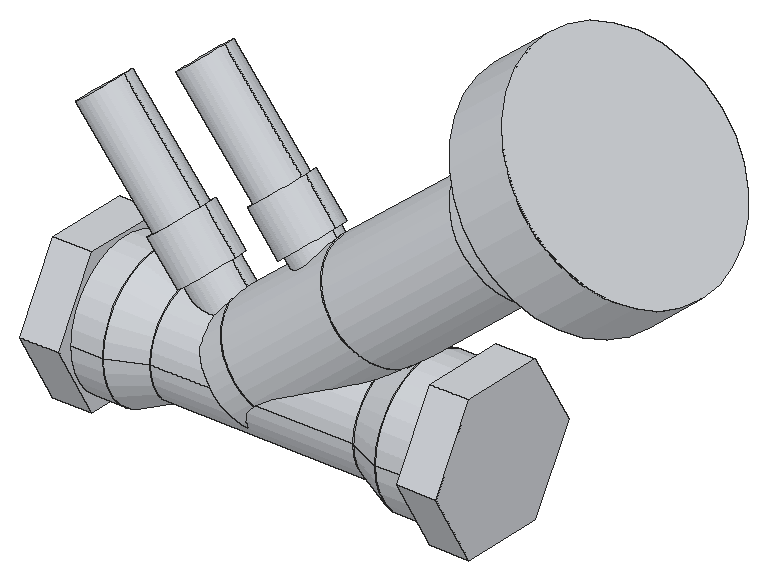
Revit family "D9505-DN32-RFA_2018", category Pipe Accessories, Revit 2018
Family settings
  Round Connector Dimension = Use Diameter
  Part Type = Valve - Breaks Into
  Work Plane-Based = No
  Always vertical = Yes
  Cut with Voids When Loaded = No
  Shared = No
Parameters (values of type "D9505 DN32")
  magiProductId = "a42dead6f7694bcf97a0a9ce0e311e"
  magiProductFamilyId = "283409d322044e8dba8a30d68fed8b"
  magiPartTypeId = 304
  isMeasuringValve [instance] = no
  ang2D [instance] = 0.00°
  W2D = 10 mm
  VersionID = "2.0/2017.10.31.1/VIR_9505_001"
  Use Minimum Symbol Size [instance] = yes
  URL = "http://www.hydronic.cz"
  Type Comments = "závitový; PN25 (-10~+100°C) nebo PN20 (-10~+130°C)"
  RN2 = 20.46 mm
  RN = 24.18 mm
  R7 = 9 mm
  R6 = 7.5 mm
  R5 = 20 mm
  R4 = 17 mm
  R3 = 17.05 mm
  R2 = 20.15 mm
  R1 = 15.5 mm
  QmdConnectorList = "301;D;302;D"
  Productdata [instance] = ""
  NUT1 = no
  Manufacturer = "Hydronic Systems Prague s.r.o."
  MC Product Code = "9505 032 (DN32; PN25 kvs12,0)"
  MC Piping Given Pressure Drop [instance] = 0.0 Pa
  L_2 = 60.5 mm
  L7 = 36 mm
  L6 = 2 mm
  L4 = 15.73 mm
  L3 = 10 mm
  L2__ve = -L2  # -9.5 mm
  L2D_Min = 3048 mm
  L2D = 77 mm
  L2 = 9.5 mm
  L1__ve = -L1  # -11.4 mm
  L1 = 11.4 mm
  HWR = 35 mm
  H8 = 34.8 mm
  H7 = 13.92 mm
  H6 = 24.05 mm
  H5 = 19.05 mm
  H4 = 20 mm
  H3 = 52.753 mm
  H2 = 38 mm
  H1 = 8 mm
  Description = "Ruční vyvažovací ventil závitový; bronzový; DN32; kvs12,0"
  D = 32 mm
  CenSd_RN_6 = RN * cos(30.00°)  # 20.94 mm
  CenSd_RN2_6 = RN2 * cos(30.00°)  # 17.719 mm
  CAT0 = yes
Types (7, lengths in mm): name | magiProductId | RN2 | RN | R4 | R3 | R2 | R1 | MC Product Code | L_2 | L4 | L2__ve | L2 | L1__ve | L1 | H8 | H7 | H6 | H5 | H3 | H2 | H1 | Description | D | CenSd_RN_6 | CenSd_RN2_6
  D9505 DN10 | "f06221e9bc9341508f66871c80ccb9" | 13.2 | 15.6 | 11 | 11 | 13 | 10 | "9505 010 (DN10; PN25 kvs0,97)" | 38.5 | 10.01 | -8 | 8 | -7 | 7 | 27.3 | 10.92 | 18 | 13 | 13.859 | 42 | 4 | "Ruční vyvažovací ventil závitový; bronzový; DN10; kvs0,97" | 10 | 13.51 | 11.432
  D9505 DN15 | "7168eb0cb4024df38c6d32127ca87d" | 14.85 | 17.55 | 12.375 | 12.375 | 14.625 | 11.25 | "9505 015 (DN15; PN25 kvs2,67)" | 45 | 11.7 | -8 | 8 | -8 | 8 | 27 | 10.8 | 19.375 | 14.375 | 12.304 | 41 | 5 | "Ruční vyvažovací ventil závitový; bronzový; DN15; kvs2,67" | 15 | 15.199 | 12.86
  D9505 DN20 | "82f2a7b1fa884f8cafe37fee21fa09" | 16.5 | 19.5 | 13.75 | 13.75 | 16.25 | 12.5 | "9505 020 (DN20; PN25 kvs4,1)" | 51 | 13.26 | -8 | 8 | -9 | 9 | 27 | 10.8 | 20.75 | 15.75 | 12.304 | 40 | 6 | "Ruční vyvažovací ventil závitový; bronzový; DN20; kvs4,1" | 20 | 16.887 | 14.289
  D9505 DN25 | "a5bafb2d780d49b5957b650150642c" | 18.15 | 21.45 | 15.125 | 15.125 | 17.875 | 13.75 | "9505 025 (DN25; PN25 kvs6,4)" | 55 | 14.3 | -9 | 9 | -10 | 10 | 27 | 10.8 | 22.125 | 17.125 | 12.304 | 39 | 7 | "Ruční vyvažovací ventil závitový; bronzový; DN25; kvs6,4" | 25 | 18.576 | 15.718
  D9505 DN32 | "a42dead6f7694bcf97a0a9ce0e311e" | 20.46 | 24.18 | 17 | 17.05 | 20.15 | 15.5 | "9505 032 (DN32; PN25 kvs12,0)" | 60.5 | 15.73 | -9.5 | 9.5 | -11.4 | 11.4 | 34.8 | 13.92 | 24.05 | 19.05 | 52.753 | 38 | 8 | "Ruční vyvažovací ventil závitový; bronzový; DN32; kvs12,0" | 32 | 20.94 | 17.719
  D9505 DN40 | "7d52969a8dcd46c581304e64bff261" | 23.1 | 27.3 | 17 | 19.25 | 22.75 | 17.5 | "9505 040 (DN40; PN25 kvs19,5)" | 71 | 18.46 | -10 | 10 | -13 | 13 | 34.8 | 13.92 | 26.25 | 21.25 | 52.753 | 36 | 10 | "Ruční vyvažovací ventil závitový; bronzový; DN40; kvs19,5" | 40 | 23.642 | 20.005
  D9505 DN50 | "2fc06cc644084f6992b3d357430981" | 26.4 | 31.2 | 17 | 22 | 26 | 20 | "9505 050 (DN50; PN25 kvs29,8)" | 80.5 | 20.93 | -11 | 11 | -15 | 15 | 34.8 | 13.92 | 29 | 24 | 52.753 | 34 | 12 | "Ruční vyvažovací ventil závitový; bronzový; DN50; kvs29,8" | 50 | 27.02 | 22.863
Reference planes
  plane 1 "Center (Front/Back)": y = 0
  plane 2 "XYPLANE": z = 0
  plane 3 "Center (Left/Right)": x = 0
  plane 4 "312": through (-485.972, 0, 579.676) normal (0.766, 0, 0.6428)
  plane 5 "176": through (-605.736, 0, -456.834) normal (-0.6428, 0, 0.766)
  plane 6 "173": through (-600.002, 0, -463.667) normal (-0.6428, 0, 0.766)
  plane 7 "163": x = -15.73
  plane 8 "158": x = 29.6
  plane 9 "157": x = 39.6
  plane 10 "154": x = -29.6
  plane 11 "83": through (-608.95, 0, -453.004) normal (-0.6428, 0, 0.766)
  plane 12 "76": through (-464.523, 0, 597.674) normal (0.766, 0, 0.6428)
  plane 13 "73": through (-596.788, 0, -467.498) normal (-0.6428, 0, 0.766)
  plane 14 "70": through (-584.543, 0, -482.091) normal (-0.6428, 0, 0.766)
  plane 15 "69": y = 0
  plane 16 "68": through (-490.569, 0, 575.819) normal (0.766, 0, 0.6428)
  plane 17 "60": through (-401.131, 0, 650.866) normal (0.766, 0, 0.6428)
  plane 18 "57": through (-416.452, 0, 638.01) normal (0.766, 0, 0.6428)
  plane 19 "54": through (-456.863, 0, 604.102) normal (0.766, 0, 0.6428)
  plane 20 "32": through (-492.101, 0, 574.533) normal (0.766, 0, 0.6428)
  plane 21 "31": y = 0
  plane 22 "30": through (564.523, 0, 482.091) normal (0.6428, 0, -0.766)
  plane 23 "21": x = -39.6
  plane 24 "20": x = 49.1
  plane 25 "19": x = -49.1
  plane 26 "13": x = 0
  plane 27 "11": x = 60.5
  plane 28 "10": x = -60.5
  plane 29 "9": y = 0
  plane 30 "8": z = 0
  plane 31 "65XY": through (-584.543, 0, -482.091) normal (-0.6428, 0, 0.766)
  plane 32 "65XZ": y = 0
  plane 33 "65YZ": through (-492.101, 0, 574.533) normal (0.766, 0, 0.6428)
  plane 34 "27XY": through (-492.101, 0, 574.533) normal (0.766, 0, 0.6428)
  plane 35 "27XZ": y = 0
  plane 36 "27YZ": through (564.523, 0, 482.091) normal (0.6428, 0, -0.766)
Forms (mm)
  Extrusion 1, solid, visible <- "CAT0"
    sketch origin (-492.101, 0, 574.533) x (0.642788, 0, -0.766044) y (0, 1, 0)
      loop
        circle (750, 0) r 17.05
    from 0 to 8 <- "H1"
  Extrusion 2, solid
    sketch origin (-605.736, 0, -456.834) x (0.766044, 0, 0.642788) y (0, 1, 0)
      loop
        circle (786, 0) r 7.5
    from 0 to 34.8 <- "H8"
  Extrusion 3, solid
    sketch origin (-596.788, 0, -467.498) x (0.766044, 0, 0.642788) y (0, 1, 0)
      loop
        circle (786, 0) r 9
    from 0 to 13.92 <- "H7"
  Extrusion 4, solid
    sketch origin (-456.863, 0, 604.102) x (0.642788, 0, -0.766044) y (0, 1, 0)
      loop
        circle (750, 0) r 17
    from 0 to 52.753 <- "H3"
  Extrusion 5, solid, visible <- "NUT1"
    sketch origin (-456.863, 0, 604.102) x (0.642788, 0, -0.766044) y (0, 1, 0)
      loop
        line (750, 20.46) -> (732.281, 10.23) -> (732.281, -10.23) -> (750, -20.46) -> (767.719, -10.23) -> (767.719, 10.23) -> (750, 20.46)
    from 0 to 11.4 <- "L1"
  Blend 6, solid, visible <- "CAT0"
    base sketch origin (-29.6, -750, 0) x (0, 1, 0) y (0, 0, 1)
      loop
        circle (750, 0) r 15.5
    top sketch origin (-29.6, -750, 0) x (0, 1, 0) y (0, 0, 1)
      loop
        circle (750, 0) r 15.5
    from 0 to 59.2
  Blend 7, solid
    base sketch origin (39.6, -750, 0) x (0, 1, 0) y (0, 0, 1)
      loop
        circle (750, 0) r 20.15
    top sketch origin (39.6, -750, 0) x (0, 1, 0) y (0, 0, 1)
      loop
        circle (750, 0) r 15.5
    from 0 to -10
  Blend 8, solid
    base sketch origin (-39.6, -750, 0) x (0, 1, 0) y (0, 0, 1)
      loop
        circle (750, 0) r 20.15
    top sketch origin (-39.6, -750, 0) x (0, 1, 0) y (0, 0, 1)
      loop
        circle (750, 0) r 15.5
    from 0 to 10
  Extrusion 9, solid
    sketch origin (-584.543, 0, -482.091) x (0.766044, 0, 0.642788) y (0, 1, 0)
      loop
        circle (752, 0) r 7.5
    from 0 to 24.05 <- "H6"
  Extrusion 10, solid
    sketch origin (-608.95, 0, -453.004) x (0.766044, 0, 0.642788) y (0, 1, 0)
      loop
        circle (752, 0) r 7.5
    from 0 to 34.8 <- "H8"
  Extrusion 11, solid
    sketch origin (-584.543, 0, -482.091) x (0.766044, 0, 0.642788) y (0, 1, 0)
      loop
        circle (786, 0) r 7.5
    from 0 to 19.05 <- "H5"
  Extrusion 12, solid
    sketch origin (-600.002, 0, -463.667) x (0.766044, 0, 0.642788) y (0, 1, 0)
      loop
        circle (752, 0) r 9
    from 0 to 13.92 <- "H7"
  Extrusion 13, solid, visible <- "CAT0"
    sketch origin (-401.131, 0, 650.866) x (0.642788, 0, -0.766044) y (0, 1, 0)
      loop
        circle (750, 0) r 35
    from 0 to 20 <- "H4"
  Extrusion 14, solid
    sketch origin (-416.452, 0, 638.01) x (0.642788, 0, -0.766044) y (0, 1, 0)
      loop
        circle (750, 0) r 20
    from 0 to 20 <- "H4"
  Extrusion 15, solid
    sketch origin (-485.972, 0, 579.676) x (0.642788, 0, -0.766044) y (0, 1, 0)
      loop
        circle (750, 0) r 17.05
    from 0 to 38 <- "H2"
  Extrusion 16, solid
    sketch origin (49.1, -750, 0) x (0, 1, 0) y (0, 0, 1)
      loop
        circle (750, 0) r 20.15
    from 0 to -9.5 <- "L2__ve"
  Extrusion 17, solid
    sketch origin (-49.1, -750, 0) x (0, 1, 0) y (0, 0, 1)
      loop
        circle (750, 0) r 20.15
    from 0 to 9.5 <- "L2"
  Extrusion 18, solid
    sketch origin (60.5, -750, 0) x (0, 1, 0) y (0, 0, 1)
      loop
        line (725.82, 0) -> (737.91, -20.94) -> (762.09, -20.94) -> (774.18, 0) -> (762.09, 20.94) -> (737.91, 20.94) -> (725.82, 0)
    from 0 to -11.4 <- "L1__ve"
  Extrusion 19, solid
    sketch origin (-60.5, -750, 0) x (0, 1, 0) y (0, 0, 1)
      loop
        line (774.18, 0) -> (762.09, 20.94) -> (737.91, 20.94) -> (725.82, 0) -> (737.91, -20.94) -> (762.09, -20.94) -> (774.18, 0)
    from 0 to 11.4 <- "L1"
  Extrusion 20, solid, not visible
    sketch origin (60.5, -750, 0) x (0, 1, 0) y (0, 0, 1)
      loop
        circle (750, 0) r 10
    from 0 to -10
  Extrusion 21, solid, not visible
    sketch origin (-60.5, -750, 0) x (0, 1, 0) y (0, 0, 1)
      loop
        circle (750, 0) r 10
    from 0 to 10
Lines and regions (mm)
  reference lines, not visible
    curve 1: circle (2, 2, 0) r 1 normal (0, 0, 1)
  reference lines
    curve 2: line (25.228, 0, 29.568) -> (28.902, -3.3, 25.19)
    curve 3: line (25.228, 0, 29.568) -> (25.228, -6.6, 29.568)
    curve 4: line (25.228, 0, 29.568) -> (21.554, -3.3, 33.947)
    curve 5: line (60.5, 0, 0) -> (60.5, 3.9, -6.755)
    curve 6: line (60.5, 0, 0) -> (60.5, 7.8, 0)
    curve 7: line (60.5, 0, 0) -> (60.5, 3.9, 6.755)
    curve 8: line (-60.5, 0, 0) -> (-60.5, -3.9, -6.755)
    curve 9: line (-60.5, 0, 0) -> (-60.5, -7.8, 0)
    curve 10: line (-60.5, 0, 0) -> (-60.5, -3.9, 6.755)
Dimensions and locks
  plane 1 "Center (Front/Back)" to curve 1 = 2 mm
  "H1": plane 20 "32" to plane 4 "312"
  "H7": plane 13 "73" to plane 5 "176"
  "H6": plane 14 "70" to plane 6 "173"
  "L4": plane 26 "13" to plane 7 "163"
  "L3": plane 9 "157" to plane 8 "158"
  "L2": plane 24 "20" to plane 9 "157"
  "L3": plane 23 "21" to plane 10 "154"
  "H7": plane 6 "173" to plane 11 "83"
  "L7": plane 33 "65YZ" to plane 12 "76"
  "H5": plane 14 "70" to plane 13 "73"
  locked: plane 31 "65XY" to plane 14 "70" at 0
  locked: plane 29 "9" to plane 15 "69"
  "L6": plane 33 "65YZ" to plane 16 "68"
  "H4": plane 18 "57" to plane 17 "60"
  "H3": plane 19 "54" to plane 18 "57"
  "H2": plane 4 "312" to plane 19 "54"
  locked: plane 34 "27XY" to plane 20 "32" at 0
  locked: plane 29 "9" to plane 21 "31"
  locked: plane 36 "27YZ" to plane 22 "30"
  "L2": plane 25 "19" to plane 23 "21"
  "L1": plane 27 "11" to plane 24 "20"
  "L1": plane 28 "10" to plane 25 "19"
  locked: plane 3 "Center (Left/Right)" to plane 26 "13"
  "L_2": plane 3 "Center (Left/Right)" to plane 27 "11"
  "L_2": plane 3 "Center (Left/Right)" to plane 28 "10"
  locked: plane 1 "Center (Front/Back)" to plane 29 "9"
  locked: plane 2 "XYPLANE" to plane 30 "8"
  "CenSd_RN2_6": curve 2 to Extrusion 5 sketch curve  (x2)
  "CenSd_RN2_6": curve 3 to Extrusion 5 sketch curve  (x2)
  "CenSd_RN2_6": curve 4 to Extrusion 5 sketch curve  (x2)
  Extrusion 5 sketch curve to Extrusion 5 sketch curve = 0 mm  (x12)
  "CenSd_RN_6": curve 5 to Extrusion 18 sketch curve  (x2)
  "CenSd_RN_6": curve 6 to Extrusion 18 sketch curve  (x2)
  "CenSd_RN_6": curve 7 to Extrusion 18 sketch curve  (x2)
  Extrusion 18 sketch curve to Extrusion 18 sketch curve = 0 mm  (x12)
  "CenSd_RN_6": curve 8 to Extrusion 19 sketch curve  (x2)
  "CenSd_RN_6": curve 9 to Extrusion 19 sketch curve  (x2)
  "CenSd_RN_6": curve 10 to Extrusion 19 sketch curve  (x2)
  Extrusion 19 sketch curve to Extrusion 19 sketch curve = 0 mm  (x12)
  "R3": radius of Extrusion 1 sketch curve
  "R6": radius of Extrusion 2 sketch curve
  "R7": radius of Extrusion 3 sketch curve
  "R4": radius of Extrusion 4 sketch curve
  "R1": radius of Blend 6 sketch curve  (x2)
  "R1": radius of Blend 7 sketch curve
  "R2": radius of Blend 7 sketch curve
  "R1": radius of Blend 8 sketch curve
  "R2": radius of Blend 8 sketch curve
  "R6": radius of Extrusion 9 sketch curve
  "R6": radius of Extrusion 10 sketch curve
  "R6": radius of Extrusion 11 sketch curve
  "R7": radius of Extrusion 12 sketch curve
  "HWR": radius of Extrusion 13 sketch curve
  "R5": radius of Extrusion 14 sketch curve
  "R3": radius of Extrusion 15 sketch curve
  "R2": radius of Extrusion 16 sketch curve
  "R2": radius of Extrusion 17 sketch curve
  locked: curve 3 to curve 2 (angle 60.00°)
  locked: curve 4 to curve 3 (angle 60.00°)
  locked: curve 4 to curve 2 (angle 120.00°)
  locked: curve 6 to curve 5 (angle 60.00°)
  locked: curve 7 to curve 6 (angle 60.00°)
  locked: curve 7 to curve 5 (angle 120.00°)
  locked: curve 9 to curve 8 (angle 60.00°)
  locked: curve 10 to curve 9 (angle 60.00°)
  locked: curve 10 to curve 8 (angle 120.00°)
  aligned and locked: level to plane 2 "XYPLANE"
  aligned and locked: plane 21 "31" to Extrusion 1 sketch curve
  aligned and locked: Extrusion 1 sketch curve to plane 22 "30"
  aligned and locked: Extrusion 2 sketch curve to plane 12 "76"
  aligned and locked: plane 15 "69" to Extrusion 2 sketch curve
  aligned and locked: Extrusion 3 sketch curve to plane 12 "76"
  aligned and locked: plane 15 "69" to Extrusion 3 sketch curve
  aligned and locked: plane 21 "31" to Extrusion 4 sketch curve
  aligned and locked: Extrusion 4 sketch curve to plane 22 "30"
  aligned and locked: curve 2 to plane 22 "30"
  aligned and locked: plane 21 "31" to curve 3
  aligned and locked: Blend 6 sketch curve to plane 29 "9"  (x2)
  aligned and locked: plane 30 "8" to Blend 6 sketch curve  (x2)
  aligned and locked: plane 8 "158" to Blend 6
  aligned and locked: Blend 7 sketch curve to plane 29 "9"  (x2)
  aligned and locked: plane 30 "8" to Blend 7 sketch curve  (x2)
  aligned and locked: Blend 7 to plane 8 "158"
  aligned and locked: Blend 8 sketch curve to plane 29 "9"  (x2)
  aligned and locked: plane 30 "8" to Blend 8 sketch curve  (x2)
  aligned and locked: plane 10 "154" to Blend 8
  aligned and locked: plane 15 "69" to Extrusion 9 sketch curve
  aligned and locked: Extrusion 9 sketch curve to plane 16 "68"
  aligned and locked: plane 15 "69" to Extrusion 10 sketch curve
  aligned and locked: Extrusion 10 sketch curve to plane 16 "68"
  aligned and locked: Extrusion 11 sketch curve to plane 12 "76"
  aligned and locked: plane 15 "69" to Extrusion 11 sketch curve
  aligned and locked: plane 15 "69" to Extrusion 12 sketch curve
  aligned and locked: Extrusion 12 sketch curve to plane 16 "68"
  aligned and locked: plane 21 "31" to Extrusion 13 sketch curve
  aligned and locked: Extrusion 13 sketch curve to plane 22 "30"
  aligned and locked: plane 21 "31" to Extrusion 14 sketch curve
  aligned and locked: Extrusion 14 sketch curve to plane 22 "30"
  aligned and locked: plane 21 "31" to Extrusion 15 sketch curve
  aligned and locked: Extrusion 15 sketch curve to plane 22 "30"
  aligned and locked: Extrusion 16 sketch curve to plane 29 "9"
  aligned and locked: plane 30 "8" to Extrusion 16 sketch curve
  aligned and locked: Extrusion 17 sketch curve to plane 29 "9"
  aligned and locked: plane 30 "8" to Extrusion 17 sketch curve
  aligned and locked: curve 7 to plane 29 "9"
  aligned and locked: plane 30 "8" to curve 7
  aligned and locked: curve 10 to plane 29 "9"
  aligned and locked: plane 30 "8" to curve 10
  aligned and locked: Extrusion 20 sketch curve to plane 29 "9"
  aligned and locked: plane 30 "8" to Extrusion 20 sketch curve
  aligned and locked: Extrusion 21 sketch curve to plane 29 "9"
  aligned and locked: plane 30 "8" to Extrusion 21 sketch curve
Automatic sketch dimensions
  plane 1 "Center (Front/Back)" to Extrusion 20 sketch curve = 10 mm
  plane 1 "Center (Front/Back)" to Extrusion 21 sketch curve = 10 mm
  plane 3 "Center (Left/Right)" to curve 1 = 2 mm
  radius of curve 1 = 1 mm
Connectors
  piping at (-60.5, 0, 0), diameter 32, driven by "D"
    settings: on Extrusion 21, index 1, connector inside diameter 609.6 mm, connector length 0 mm, flow factor 0, pipe flow 0.0 L/s, pressure drop 0.0 Pa, fitting loss kfactor 0, connector angle 0.00°, fixture units 0, engagement length 0 mm, angle of deflection 0.00°, flow configuration 0, flow direction 0, fitting loss method 0, system type 29, joint type 0, gender type 0, connector reference index 2, connector utility 0, adjustable connector no, is connector primary yes, connector description ""
  piping at (60.5, 0, 0), diameter 32, driven by "D"
    settings: on Extrusion 20, index 2, connector inside diameter 609.6 mm, connector length 0 mm, flow factor 0, pipe flow 0.0 L/s, pressure drop 0.0 Pa, fitting loss kfactor 0, connector angle 0.00°, fixture units 0, engagement length 0 mm, angle of deflection 0.00°, flow configuration 0, flow direction 0, fitting loss method 0, system type 29, joint type 0, gender type 0, connector reference index 1, connector utility 0, adjustable connector no, is connector primary no, connector description ""
